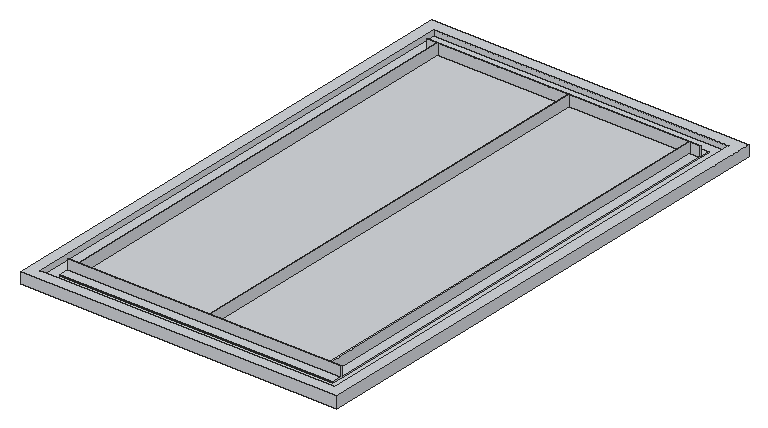
Revit family "J2 PET Felt Rectangle or Square Horizontal Cloud", category Specialty Equipment, Revit 2021
Family settings
  Round Connector Dimension = Use Diameter
  Part Type = Normal
  Work Plane-Based = No
  Always vertical = Yes
  Cut with Voids When Loaded = No
  Shared = No
  Room Calculation Point = No
Parameters (values of type "Rectangle 47"x29"")
  Width (Max. 3'-11") = 2' - 5"
  URL = "https://www.j2systems.net/"
  Symbol Name = "CSHCRE"
  Style Number = "CSHCRE"
  Release Date = "2019"
  Product Line = "Ceiling System"
  Model = "Horizontal Cloud - Rectangle"
  Manufacturer = "J2 Systems"  # constant formula
  Length (Max. 7'-11") = 3' - 11"
  Felt Color [instance] = none
  Default Elevation = 0' - 0"
Types (2): name | Width (Max. 3'-11") | Symbol Name | Style Number | Model
  Rectangle 47"x29" | 2' - 5" | "CSHCRE" | "CSHCRE" | "Horizontal Cloud - Rectangle"
  Square 47"x47" | 3' - 11" | "CSHCSQ" | "CSHCSQ" | "Horizontal Cloud - Square"
Reference planes (in)
  plane 1 "Center (Front/Back)": y = 0
  plane 2: z = 0
  plane 3 "Center (Left/Right)": x = 0
  plane 4: y = 23.5
  plane 5: y = -23.5
  plane 6: x = -14.5
  plane 7: x = 14.5
Forms (in)
  Extrusion 1, solid, material <- "Felt Color"
    sketch origin (0, 0, 0) x (1, 0, 0) y (0, 1, 0)
      loop
        line (-14.5, 23.5) -> (-14.5, -23.5) -> (14.5, -23.5) -> (14.5, 23.5) -> (-14.5, 23.5)
    from 0 to 0.5
  Sweep 2, solid
    path origin (0, 0, 0) x (1, 0, 0) y (0, 1, 0)
      loop
        line (-12.5, 20.5) -> (12.5, 20.5)
    profile origin (0, 20.5, 0) x (0, 1, 0) y (0, 0, 1)
      loop
        line (0, 0.5) -> (1, 0.5) -> (1, 0.5625) -> (0.0625, 0.5625) -> (0.0625, 1.5) -> (0, 1.5) -> (0, 0.5)
  Sweep 3, solid
    path origin (0, 0, 0) x (1, 0, 0) y (0, 1, 0)
      loop
        line (-11.5, 20.5) -> (-11.5, -20.5)
    profile origin (-11.5, 0, 0) x (1, 0, 0) y (0, 0, 1)
      loop
        line (0, 0.5) -> (0, 1.5) -> (-0.0625, 1.5) -> (-0.0625, 0.5625) -> (-1, 0.5625) -> (-1, 0.5) -> (0, 0.5)
  Sweep 4, solid
    path origin (0, 0, 0) x (1, 0, 0) y (0, 1, 0)
      loop
        line (-12.5, -20.5) -> (12.5, -20.5)
    profile origin (0, -20.5, 0) x (0, 1, 0) y (0, 0, 1)
      loop
        line (0, 0.5) -> (0, 1.5) -> (-0.0625, 1.5) -> (-0.0625, 0.5625) -> (-1, 0.5625) -> (-1, 0.5) -> (0, 0.5)
  Sweep 5, solid
    path origin (0, 0, 0) x (1, 0, 0) y (0, 1, 0)
      loop
        line (11.5, 20.5) -> (11.5, -20.5)
    profile origin (11.5, 0, 0) x (1, 0, 0) y (0, 0, 1)
      loop
        line (0, 0.5) -> (1, 0.5) -> (1, 0.5625) -> (0.0625, 0.5625) -> (0.0625, 1.5) -> (0, 1.5) -> (0, 0.5)
  Sweep 6, solid
    path origin (0, 0, 0) x (1, 0, 0) y (0, 1, 0)
      loop
        line (0.5, 20.5) -> (0.5, -20.5)
    profile origin (0.5, 0, 0) x (1, 0, 0) y (0, 0, 1)
      loop
        line (0, 0.5) -> (0, 1.5) -> (-0.0625, 1.5) -> (-0.0625, 0.5625) -> (-1, 0.5625) -> (-1, 0.5) -> (0, 0.5)
  Extrusion 7, solid, material <- "Felt Color"
    sketch origin (0, 0, 0) x (1, 0, 0) y (0, 1, 0)
      loop
        line (-14.5, 23.5) -> (-14.5, -23.5) -> (14.5, -23.5) -> (14.5, 23.5) -> (-14.5, 23.5)
      loop
        line (-13.5, 22.5) -> (-13.5, -22.5) -> (13.5, -22.5) -> (13.5, 22.5) -> (-13.5, 22.5)
    from 0 to 1
Cuts and joins
  joined: Extrusion 1, Extrusion 7
Dimensions and locks (in)
  equal spacing: plane 4, plane 1 "Center (Front/Back)", plane 5
  equal spacing: plane 6, plane 3 "Center (Left/Right)", plane 7
  "Length (Max. 7'-11")": plane 4 to plane 5
  "Width (Max. 3'-11")": plane 6 to plane 7
  locked: plane 6 to Sweep 2 sketch curve at 2
  locked: Sweep 2 sketch curve to plane 7 at 2
  locked: plane 4 to Sweep 2 sketch curve at 3
  locked: Sweep 3 sketch curve to plane 5 at 3
  locked: plane 6 to Sweep 3 sketch curve at 3
  locked: plane 4 to Sweep 3 sketch curve at 3
  Sweep 2 sketch curve to Sweep 2 sketch curve to Sweep 2 sketch curve to level = 0' - 0 15/16" locked, 0' - 0 1/16" locked, 0' - 0 1/2" locked
  Sweep 4 sketch curve to Sweep 4 sketch curve to Sweep 4 sketch curve to level = 0' - 0 15/16" locked, 0' - 0 1/16" locked, 0' - 0 1/2" locked
  locked: plane 5 to Sweep 4 sketch curve at 3
  locked: plane 6 to Sweep 4 sketch curve at 2
  locked: Sweep 4 sketch curve to plane 7 at 2
  Sweep 3 sketch curve to Sweep 3 sketch curve to Sweep 3 sketch curve to level = 0' - 0 15/16" locked, 0' - 0 1/16" locked, 0' - 0 1/2" locked
  Sweep 5 sketch curve to Sweep 5 sketch curve to Sweep 5 sketch curve to level = 0' - 0 15/16" locked, 0' - 0 1/16" locked, 0' - 0 1/2" locked
  locked: plane 4 to Sweep 5 sketch curve at 3
  locked: Sweep 5 sketch curve to plane 5 at 3
  locked: Sweep 5 sketch curve to plane 7 at 3
  Sweep 6 sketch curve to Sweep 6 sketch curve to Sweep 6 sketch curve to level = 0' - 0 15/16" locked, 0' - 0 1/16" locked, 0' - 0 1/2" locked
  locked: plane 3 "Center (Left/Right)" to Sweep 6 sketch curve at 0.5
  locked: plane 4 to Sweep 6 sketch curve at 3
  locked: Sweep 6 sketch curve to plane 5 at 3
  locked: Extrusion 1 to Extrusion 7 sketch curve at 1  (x3)
  locked: Extrusion 7 sketch curve to Extrusion 1 at 1
  aligned and locked: plane 2 to level
  aligned and locked: Extrusion 1 sketch curve to plane 4
  aligned and locked: plane 6 to Extrusion 1 sketch curve
  aligned and locked: plane 5 to Extrusion 1 sketch curve
  aligned and locked: Extrusion 1 sketch curve to plane 7
  aligned and locked: Extrusion 7 sketch curve to Extrusion 1  (x4)
Automatic sketch dimensions
  Sweep 2 sketch curve to profile plane = 0' - 0"
  Sweep 2 sketch curve to Sweep 2 sketch curve = 0' - 0 1/16"
  Sweep 2 sketch curve to Sweep 2 sketch curve = 0' - 0 15/16"
  profile plane to Sweep 3 sketch curve = 0' - 0"
  profile plane to Sweep 3 sketch curve = 0' - 0 1/16"
  Sweep 3 sketch curve to Sweep 3 sketch curve = 0' - 0 15/16"
  Sweep 4 sketch curve to profile plane = 0' - 0"
  profile plane to Sweep 4 sketch curve = 0' - 0 1/16"
  Sweep 4 sketch curve to Sweep 4 sketch curve = 0' - 0 15/16"
  profile plane to Sweep 5 sketch curve = 0' - 0"
  Sweep 5 sketch curve to profile plane = 0' - 0 1/16"
  Sweep 5 sketch curve to Sweep 5 sketch curve = 0' - 0 15/16"
  profile plane to Sweep 6 sketch curve = 0' - 0"
  profile plane to Sweep 6 sketch curve = 0' - 0 1/16"
  Sweep 6 sketch curve to Sweep 6 sketch curve = 0' - 0 15/16"
